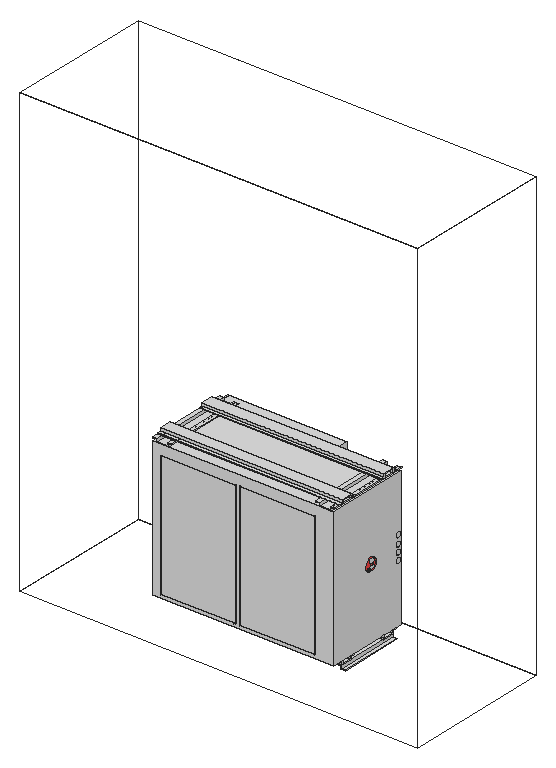
Revit family "HeatPump_AirToWater_Rheem_15kW_Horizontal_LowGWP", category Mechanical Equipment, Revit 2021
Family settings
  Round Connector Dimension = Use Diameter
  Classification = None
  Part Type = Normal
  OmniClass Number = 23.33.17.00
  OmniClass Title = Heat Pumps
  Work Plane-Based = No
  Always vertical = Yes
  Cut with Voids When Loaded = No
  Shared = No
  Room Calculation Point = No
Parameters (values of type "Ducted (952015H0)")
  Voltage = 230 V
  Uniclass2015Version = "v1.33"
  Uniclass2015Title = "Air to water heat pumps"
  Uniclass2015Code = "Pr_70_60_37_04"
  URL = "https://www.rheem.com.au/rheem/"
  Type Comments = "HeatPump - AirToWater - 15kW - Horizontal - LowGWP - Ducted"
  ScreenMaterial = Metal_Vent_Rheem_HeatPump_Wire
  RequiredSpace [instance] = yes
  PowerFactor = 1
  ModifiedIssue = 20240801
  Model = "952015H0"
  ManufacturerURLProductSpecific = "https://www.rheem.com.au/rheem/products/Commercial/Commercial-Heat-Pumps/Rheem-Commercial-Air-To-Water-Heat-Pumps/YF-Series-Air-to-Water-%28A2W%29-15kW-Commercial-Heat-Pump-%E2%80%93-Ducted/p/95201500"
  ManufacturerSpecCode = Model  # "952015H0"
  ManufacturerOverallWidth = 1250 mm  # constant formula
  ManufacturerOverallHeight = 1033 mm  # constant formula
  ManufacturerOverallDepth = 654 mm  # constant formula
  ManufacturerHeightFromFFL [instance] = 0 mm
  Manufacturer = "Rheem"  # constant formula
  IfcExportType = "USERDEFINED"
  IfcExportAs = "IfcPump"
  FanMaterial = Metal_Vent_Rheem_HeatPump_AirSource
  FanHeight = 89 mm  # constant formula
  FanFrame = yes
  Description = "Rheem’s YF Series Commercial heat pump uses 1234yf refrigerant which has an ultra-low Global Warming Potential (GWP) of <1. Delivering hot water up to 65°C and operating in ambient temperatures to a low of 0°C with an improved Coefficient of Performance (COP) of up to 4.23 at 20°C ambient. Ducted models are designed with high static fans to enable reject air to be convey from the room. Models are  available in vertical and stackable horizontal discharge options."
  Default Elevation = 0 mm
  CreatedByURL = "https://igsgroup.com.au"
  CreatedBy = "IGS BIM Solutions"  # constant formula
  BodyMaterial = Aluminium_PowderCoat_Rheem_White
  Assembly Code = "D3020"
  ApparentLoad = 15.16 VA
Reference planes
  plane 1 "Center (Front/Back)": y = -100.5
  plane 2 "Ref. Level": z = 0
  plane 3 "Center (Left/Right)": x = -9.5
  plane 4 "BackReference": y = 226.5
  plane 5 "Front": y = -427.5
  plane 6 "BodyRight": x = 615.5
  plane 7 "BodyLeft": x = -613.5
  plane 8 "Bottom": z = 0
  plane 9 "FrrameTop": z = 1008.5
  plane 10 "PlinthTop": z = 49
  plane 11 "Plint": z = 24.5
  plane 12 "BodyTop": z = 984
  plane 13 "Connector1": z = 199
  plane 14 "Connector2": z = 529
  plane 15 "RequiredSpaceLeft": x = -1234.5
  plane 16 "RequiredSpaceRight": x = 1465.5
  plane 17 "RequiredSpaceTop": z = 3033
  plane 18 "RequiredSpaceFront": y = -777.5
  plane 19 "Left": x = -634.5
  plane 20 "BodyBack": y = 137.5
  plane 21 "Fan2Horizontal": z = 311
  plane 22 "Fan1Horizontal": z = 725
  plane 23 "FanFrameBottom": z = 56
  plane 24 "Back": y = 226.5
  plane 25 "Top": z = 1033
  plane 26 "LogoCentreTop": z = 834
  plane 27 "LogoCentreBottom": z = 500
Forms (mm)
  Extrusion 1, solid, material "Aluminium_PowderCoat_Rheem_White" <- "BodyMaterial"
    sketch origin (0, 0, 0) x (0, -1, 0) y (1, 0, 0)
      loop
        line (-137.5, -613.5) -> (422.5, -613.5) -> (422.5, 615.5) -> (-137.5, 615.5) -> (-137.5, -613.5)
    from 49 to 984
  Extrusion 2, solid, material "Metal_Vent_Rheem_HeatPump_Wire" <- "ScreenMaterial"
    sketch origin (-36.5, -427.5, 0) x (1, 0, 0) y (0, 0, 1)
      loop
        line (522, 68) -> (522, 916) -> (14, 916) -> (14, 68) -> (522, 68)
      loop
        line (-524, 68) -> (-16, 68) -> (-16, 916) -> (-524, 916) -> (-524, 68)
    from 0 to -5
  Extrusion 3, solid, material "RequiredSpace", visible <- "RequiredSpace"
    sketch origin (0, 0, 0) x (0, -1, 0) y (-1, 0, 0)
      loop
        line (-226.5, 1234.5) -> (-226.5, -1465.5) -> (777.5, -1465.5) -> (777.5, 1234.5) -> (-226.5, 1234.5)
    from 0 to -3033
  Extrusion 4, solid, material "Aluminium_PowderCoat_Rheem_White" <- "BodyMaterial"
    sketch origin (0, -427.5, 0) x (1, 0, 0) y (0, 0, 1)
      loop
        line (-613.5, 984) -> (-613.5, 49) -> (615.5, 49) -> (615.5, 984) -> (-613.5, 984)
      loop
        line (485.5, 916) -> (-22.5, 916) -> (-22.5, 68) -> (485.5, 68) -> (485.5, 916)
      loop
        line (-560.5, 916) -> (-560.5, 68) -> (-52.5, 68) -> (-52.5, 916) -> (-560.5, 916)
    from 0 to -5
  Extrusion 5, solid, material "Aluminium_PowderCoat_Rheem_White", detail levels medium+fine
    sketch origin (-613.5, -5.5, 0) x (0, 1, 0) y (0, 0, 1)
      loop
        circle (-189, 199) r 25
      loop
        circle (-189, 529) r 25
    from -50 to 0
  Extrusion 6, solid, material "Aluminium_PowderCoat_Rheem_White", detail levels medium+fine
    sketch origin (-613.5, -334, 1) x (0, 1, 0) y (0, 0, 1)
      loop
        circle (205, 58) r 10
    from -50 to 0
  Extrusion 7, void
    sketch origin (0, -100.5, 0) x (1, 0, 0) y (0, 0, 1)
      loop
        line (-634.5, 49) -> (-634.5, 24.5) -> (-610, 49) -> (-634.5, 49)
    from 287 to -197
  Extrusion 8, solid, material "Aluminium_PowderCoat_Rheem_White" <- "BodyMaterial"
    sketch origin (-9.5, -32, 0) x (0, 1, 0) y (0, 0, 1)
      loop
        line (-225.395, 49) -> (-255.395, 49) -> (-255.395, 29.5) -> (-325.414, 29.5) -> (-325.414, 49) -> (-355.5, 49) -> (-355.5, 44) -> (-330.5, 44) -> (-330.5, 24.5) -> (-250.395, 24.5) -> (-250.395, 44) -> (-225.395, 44) -> (-225.395, 49)
      loop
        line (128.5, 49) -> (98.5, 49) -> (98.5, 29.5) -> (28.481, 29.5) -> (28.481, 49) -> (-1.605, 49) -> (-1.605, 44) -> (23.395, 44) -> (23.395, 24.5) -> (103.5, 24.5) -> (103.5, 44) -> (128.5, 44) -> (128.5, 49)
    from -625 to 625
  Extrusion 9, solid, material "Aluminium_PowderCoat_Rheem_White" <- "BodyMaterial", visible <- "FanFrame"
    sketch origin (0, 137.5, 0) x (1, 0, 0) y (0, 0, 1)
      loop
        line (192.5, 56) -> (192.5, 984) -> (-613.5, 984) -> (-613.5, 56) -> (192.5, 56)
      loop
        line (-608.5, 979) -> (-608.5, 61) -> (187.5, 61) -> (187.5, 979) -> (-608.5, 979)
    from 0 to -70
  Extrusion 10, solid, material "Aluminium_PowderCoat_Rheem_White" <- "BodyMaterial"
    sketch origin (0, -100.5, 984) x (1, 0, 0) y (0, 0, 1)
      loop
        line (620.5, 24.5) -> (590.5, 24.5) -> (590.5, 5) -> (520.5, 5) -> (520.5, 24.5) -> (490.5, 24.5) -> (490.5, 19.5) -> (515.5, 19.5) -> (515.5, 0) -> (595.5, 0) -> (595.5, 19.5) -> (620.5, 19.5) -> (620.5, 24.5)
      loop
        line (-483.5, 24.5) -> (-513.5, 24.5) -> (-513.5, 5) -> (-583.5, 5) -> (-583.5, 24.5) -> (-613.5, 24.5) -> (-613.5, 19.5) -> (-588.5, 19.5) -> (-588.5, 0) -> (-508.5, 0) -> (-508.5, 19.5) -> (-483.5, 19.5) -> (-483.5, 24.5)
    from -238 to 327
  Extrusion 11, solid, material "Aluminium_PowderCoat_Rheem_White", detail levels medium+fine
    sketch origin (615.5, 0, 0) x (0, 1, 0) y (0, 0, 1)
      loop
        circle (110.5, 611) r 15
      loop
        circle (110.5, 554) r 15
      loop
        circle (110.5, 504) r 15
      loop
        circle (110.5, 454) r 15
    from 0 to 5
  Extrusion 12, solid, material "Aluminium_PowderCoat_Rheem_White" <- "BodyMaterial"
    sketch origin (-9.5, -32, 1436) x (0, 1, 0) y (0, 0, 1)
      loop
        line (-225.395, -427.5) -> (-225.395, -422.5) -> (-250.395, -422.5) -> (-250.395, -403) -> (-330.5, -403) -> (-330.5, -422.5) -> (-355.5, -422.5) -> (-355.5, -427.5) -> (-325.414, -427.5) -> (-325.414, -408) -> (-255.395, -408) -> (-255.395, -427.5) -> (-225.395, -427.5)
      loop
        line (128.5, -427.5) -> (128.5, -422.5) -> (103.5, -422.5) -> (103.5, -403) -> (23.395, -403) -> (23.395, -422.5) -> (-1.605, -422.5) -> (-1.605, -427.5) -> (28.481, -427.5) -> (28.481, -408) -> (98.5, -408) -> (98.5, -427.5) -> (128.5, -427.5)
    from -604 to 630
  Extrusion 13, solid, material "Aluminium_PowderCoat_Rheem_White" <- "BodyMaterial"
    sketch origin (0, -90, 0) x (1, 0, 0) y (0, 0, 1)
      loop
        line (640.5, 0) -> (640.5, 5) -> (615.5, 5) -> (615.5, 24.5) -> (535.5, 24.5) -> (535.5, 5) -> (510.5, 5) -> (510.5, 0) -> (540.5, 0) -> (540.5, 19.5) -> (610.5, 19.5) -> (610.5, 0) -> (640.5, 0)
    from -161.5 to 272.5
Cuts and joins
  Extrusion 7 cuts Extrusion 1
  Extrusion 7 cuts Extrusion 4
  joined: Extrusion 1, Extrusion 4
  Extrusion 7 cuts Extrusion 8
Lines and regions (mm)
  Masking region 1
    outline origin (0, 0, 1484) x (0, -1, 0) y (1, 0, 0)
      loop
        line (427.5, -613.5) -> (427.5, 615.5) -> (359.5, 615.5) -> (359.5, 640.5) -> (-69.5, 640.5) -> (-69.5, 615.5) -> (-137.5, 615.5) -> (-137.5, -613.5) -> (-71.5, -613.5) -> (-71.5, -634.5) -> (8.605, -634.5) -> (8.605, -613.5) -> (282.395, -613.5) -> (282.395, -634.5) -> (362.5, -634.5) -> (362.5, -613.5) -> (427.5, -613.5)
  Masking region 2, visible <- "FanFrame"
    outline origin (0, 0, 1484) x (0, -1, 0) y (1, 0, 0)
      loop
        line (-137.5, -613.5) -> (-137.5, 192.5) -> (-207.5, 192.5) -> (-207.5, 145.77) -> (-226.5, 141.5) -> (-226.5, -579.5) -> (-207.5, -583.886) -> (-207.5, -613.5) -> (-137.5, -613.5)
  Masking region 3, not visible, detail levels medium+fine
    outline origin (0, 0, 984) x (0, -1, 0) y (1, 0, 0)
      loop
        line (427.5, -613.5) -> (427.5, -533.5) -> (389.08, -533.5)
        arc (389.08, -533.5) -> (378.865, -515.587) -> (359.5, -508.5) r 30
        line (359.5, -508.5) -> (-69.5, -508.5)
        arc (-69.5, -508.5) -> (-88.865, -515.587) -> (-99.08, -533.5) r 30
        line (-99.08, -533.5) -> (-137.5, -533.5) -> (-137.5, -613.5) -> (-99.08, -613.5)
        arc (-99.08, -613.5) -> (-88.865, -631.413) -> (-69.5, -638.5) r 30
        line (-69.5, -638.5) -> (359.5, -638.5)
        arc (359.5, -638.5) -> (378.865, -631.413) -> (389.08, -613.5) r 30
        line (389.08, -613.5) -> (427.5, -613.5)
      loop
        line (427.5, -49.5) -> (427.5, 30.5) -> (389.08, 30.5)
        arc (389.08, 30.5) -> (378.865, 48.413) -> (359.5, 55.5) r 30
        line (359.5, 55.5) -> (-69.5, 55.5)
        arc (-69.5, 55.5) -> (-88.865, 48.413) -> (-99.08, 30.5) r 30
        line (-99.08, 30.5) -> (-137.5, 30.5) -> (-137.5, -49.5) -> (-99.08, -49.5)
        arc (-99.08, -49.5) -> (-88.865, -67.413) -> (-69.5, -74.5) r 30
        line (-69.5, -74.5) -> (359.5, -74.5)
        arc (359.5, -74.5) -> (378.865, -67.413) -> (389.08, -49.5) r 30
        line (389.08, -49.5) -> (427.5, -49.5)
      loop
        line (427.5, 535.5) -> (427.5, 615.5) -> (389.08, 615.5)
        arc (389.08, 615.5) -> (378.865, 633.413) -> (359.5, 640.5) r 30
        line (359.5, 640.5) -> (-69.5, 640.5)
        arc (-69.5, 640.5) -> (-88.865, 633.413) -> (-99.08, 615.5) r 30
        line (-99.08, 615.5) -> (-137.5, 615.5) -> (-137.5, 535.5) -> (-99.08, 535.5)
        arc (-99.08, 535.5) -> (-88.865, 517.587) -> (-69.5, 510.5) r 30
        line (-69.5, 510.5) -> (359.5, 510.5)
        arc (359.5, 510.5) -> (378.865, 517.587) -> (389.08, 535.5) r 30
        line (389.08, 535.5) -> (427.5, 535.5)
  Masking region 4
    outline origin (0, 0, 1484) x (0, -1, 0) y (1, 0, 0)
      loop
        line (-137.5, 161.5) -> (-226.5, 141.5) -> (-226.5, -579.5) -> (-137.5, -600.047) -> (-137.5, 161.5)
  symbolic lines, style "Required Space", visible <- "RequiredSpace"
    curve 1: line (-1234.5, 226.5, 900) -> (1465.5, 226.5, 900)
    curve 2: line (-1234.5, -777.5, 900) -> (-1234.5, 226.5, 900)
    curve 3: line (1465.5, -777.5, 900) -> (-1234.5, -777.5, 900)
    curve 4: line (1465.5, 226.5, 900) -> (1465.5, -777.5, 900)
  symbolic lines, style "Plant Equipment", detail levels medium+fine
    curve 5: line (615.5, 69.5, 984) -> (615.5, -359.5, 984)
    curve 6: line (-613.5, 71.5, 984) -> (-613.5, -33.605, 984)
    curve 7: line (-613.5, -334.5, 984) -> (-613.5, -254.395, 984)
    curve 23: line (-436.5, 37.5, 984) -> (417.5, 37.5, 984)
    curve 24: line (-534.5, -227.5, 984) -> (-534.5, -60.5, 984)
    curve 25: line (415.5, -327.5, 984) -> (-434.5, -327.5, 984)
    curve 26: line (515.5, -60.5, 984) -> (515.5, -227.5, 984)
    curve 27: arc (-534.5, -60.5, 984) -> (-505.796, 8.796, 984) -> (-436.5, 37.5, 984) r 98
    curve 28: arc (417.5, 37.5, 984) -> (486.796, 8.796, 984) -> (515.5, -60.5, 984) r 98
    curve 29: arc (515.5, -227.5, 984) -> (486.211, -298.211, 984) -> (415.5, -327.5, 984) r 100
    curve 30: arc (-434.5, -327.5, 984) -> (-505.211, -298.211, 984) -> (-534.5, -227.5, 984) r 100
  symbolic lines, style "Plant Equipment", visible <- "FanFrame", detail levels medium+fine
    curve 8: line (-582.77, 207.5, 984) -> (145.77, 207.5, 984)
  symbolic lines, style "Plant Equipment", not visible, detail levels medium+fine
    curve 9: line (-613.5, 99.08, 984) -> (-613.5, -389.08, 984)
    curve 10: line (-533.5, -389.08, 984) -> (-533.5, 99.08, 984)
    curve 11: line (-49.5, 99.08, 984) -> (-49.5, -389.08, 984)
    curve 12: line (30.5, 99.08, 984) -> (30.5, -389.08, 984)
    curve 13: line (535.5, -389.08, 984) -> (535.5, 99.08, 984)
    curve 14: line (615.5, 99.08, 984) -> (615.5, -389.08, 984)
  model lines, style "Plant Equipment"
    curve 15: line (-436.5, 37.5, 984) -> (417.5, 37.5, 984)
    curve 16: line (-534.5, -227.5, 984) -> (-534.5, -60.5, 984)
    curve 17: line (415.5, -327.5, 984) -> (-434.5, -327.5, 984)
    curve 18: line (515.5, -60.5, 984) -> (515.5, -227.5, 984)
    curve 19: arc (-534.5, -60.5, 984) -> (-505.796, 8.796, 984) -> (-436.5, 37.5, 984) r 98
    curve 20: arc (417.5, 37.5, 984) -> (486.796, 8.796, 984) -> (515.5, -60.5, 984) r 98
    curve 21: arc (515.5, -227.5, 984) -> (486.211, -298.211, 984) -> (415.5, -327.5, 984) r 100
    curve 22: arc (-434.5, -327.5, 984) -> (-505.211, -298.211, 984) -> (-534.5, -227.5, 984) r 100
  model lines, style "Plant Equipment", detail levels medium+fine
    curve 31: line (-613.5, 54.5, 984) -> (-613.5, 54.5, 49)
    curve 32: line (-613.5, -165.5, 49) -> (-613.5, -165.5, 984)
    curve 33: line (615.5, -315.5, 984) -> (615.5, -315.5, 49)
    curve 34: line (615.5, 79.5, 984) -> (615.5, 79.5, 49)
    curve 35: line (615.5, -315.5, 600) -> (615.5, 79.5, 600)
Text (mm)
  text "Disclaimer:\nDue to ongoing product development and manufacturing \nevolution, product details are subject to change without \nnotice. Please refer to product technical data sheets on \nthe manufacturers website for the most current product \ninformation. Please allow a +/- 5mm manufacturing \ntolerance for dimensions and set-outs shown in product \nliterature." at (985.527, 159.228, 0), in view "Ref. Level"
Dimensions and locks
  equal spacing: plane 19 "Left", plane 3 "Center (Left/Right)", plane 6 "BodyRight"
  "ManufacturerOverallHeight": plane 25 "Top" to plane 8 "Bottom"
  "ManufacturerHeightFromFFL": plane 8 "Bottom" to plane 2 "Ref. Level"
  locked: plane 10 "PlinthTop" to plane 8 "Bottom" at 49
  equal spacing: plane 10 "PlinthTop", plane 11 "Plint", plane 8 "Bottom"
  locked: plane 17 "RequiredSpaceTop" to plane 25 "Top" at 2000
  locked: plane 18 "RequiredSpaceFront" to plane 5 "Front" at 350
  locked: plane 15 "RequiredSpaceLeft" to plane 19 "Left" at 600
  plane 6 "BodyRight" to plane 16 "RequiredSpaceRight" = 850 mm
  locked: plane 19 "Left" to plane 7 "BodyLeft" at 21
  "ManufacturerOverallWidth": plane 19 "Left" to plane 6 "BodyRight"
  locked: plane 13 "Connector1" to plane 8 "Bottom" at 199
  locked: plane 14 "Connector2" to plane 13 "Connector1" at 330
  plane 8 "Bottom" to plane 9 "FrrameTop" = 1008.5 mm
  locked: plane 10 "PlinthTop" to plane 21 "Fan2Horizontal" at 262
  locked: plane 21 "Fan2Horizontal" to plane 22 "Fan1Horizontal" at 414
  locked: plane 5 "Front" to plane 20 "BodyBack" at 565
  locked: plane 23 "FanFrameBottom" to plane 12 "BodyTop" at 928
  "ManufacturerOverallDepth": plane 5 "Front" to plane 24 "Back"
  equal spacing: plane 5 "Front", plane 1 "Center (Front/Back)", plane 24 "Back"
  plane 20 "BodyBack" to plane 4 "BackReference" = 89 mm
  locked: plane 12 "BodyTop" to plane 26 "LogoCentreTop" at 150
  equal spacing: plane 25 "Top", plane 9 "FrrameTop", plane 12 "BodyTop"
  locked: plane 25 "Top" to plane 12 "BodyTop" at 49
  locked: plane 27 "LogoCentreBottom" to plane 8 "Bottom" at 500
  aligned and locked: level to plane 2 "Ref. Level"
  aligned and locked: plane 10 "PlinthTop" to Extrusion 1
  aligned and locked: Extrusion 1 to plane 12 "BodyTop"
  aligned and locked: Extrusion 3 to plane 17 "RequiredSpaceTop"
  aligned and locked: curve 3 to plane 18 "RequiredSpaceFront"
  aligned and locked: Extrusion 3 sketch curve to plane 18 "RequiredSpaceFront"
  aligned and locked: plane 8 "Bottom" to Extrusion 3
  aligned and locked: plane 10 "PlinthTop" to Extrusion 4
  aligned and locked: Extrusion 1 to plane 7 "BodyLeft"
  aligned and locked: Extrusion 4 to plane 7 "BodyLeft"
  aligned and locked: plane 13 "Connector1" to Extrusion 5 sketch curve
  aligned and locked: plane 14 "Connector2" to Extrusion 5 sketch curve
  aligned and locked: plane 19 "Left" to Extrusion 7 sketch curve
  aligned and locked: Extrusion 2 sketch curve to cut or joined group of Extrusion 1, Extrusion 4, Extrusion 7  (x3)
  aligned and locked: plane 20 "BodyBack" to Extrusion 1 sketch curve
  aligned and locked: Extrusion 10 sketch curve to plane 12 "BodyTop"
  aligned and locked: plane 5 "Front" to Extrusion 10
  aligned and locked: Extrusion 10 to plane 20 "BodyBack"
  aligned and locked: nested 1 to plane 22 "Fan1Horizontal"
  aligned and locked: nested 2 to plane 21 "Fan2Horizontal"
  aligned and locked: curve 1 to plane 24 "Back"
  aligned and locked: Extrusion 3 to plane 24 "Back"
  aligned and locked: Extrusion 9 to Masking region 2
  aligned and locked: Masking region 2 to Extrusion 9
  aligned and locked: curve 8 to Extrusion 9
  aligned and locked: Masking region 1 to curve 6
  aligned and locked: cut or joined group of Extrusion 1, Extrusion 4, Extrusion 7 to Extrusion 12
  aligned and locked: Extrusion 10 to Extrusion 12
  aligned and locked: Extrusion 13 sketch curve to plane 8 "Bottom"  (x2)
  aligned and locked: Extrusion 7 to cut or joined group of Extrusion 7, Extrusion 8
  aligned and locked: plane 14 "Connector2" to nested 3
  aligned and locked: plane 12 "BodyTop" to curve 32
  aligned and locked: plane 12 "BodyTop" to curve 31
  aligned and locked: plane 10 "PlinthTop" to curve 32
  aligned and locked: plane 10 "PlinthTop" to curve 31
  aligned and locked: plane 26 "LogoCentreTop" to nested 4
Automatic sketch dimensions
  Extrusion 1 sketch curve to plane 7 "BodyLeft" = 0 mm
  Extrusion 1 sketch curve to plane 6 "BodyRight" = 0 mm
  Extrusion 1 sketch curve to plane 5 "Front" = 5 mm
  plane 4 "BackReference" to Extrusion 3 sketch curve = 0 mm
  Extrusion 3 sketch curve to plane 15 "RequiredSpaceLeft" = 0 mm
  Extrusion 3 sketch curve to plane 16 "RequiredSpaceRight" = 0 mm
  curve 3 to plane 15 "RequiredSpaceLeft" = 0 mm
  curve 3 to plane 16 "RequiredSpaceRight" = 0 mm
  Extrusion 4 sketch curve to plane 7 "BodyLeft" = 0 mm
  Extrusion 4 sketch curve to plane 6 "BodyRight" = 0 mm
  Extrusion 4 sketch curve to plane 10 "PlinthTop" = 0 mm
  Extrusion 4 sketch curve to plane 12 "BodyTop" = 0 mm
  Extrusion 4 sketch curve to plane 23 "FanFrameBottom" = 12 mm  (x2)
  plane 7 "BodyLeft" to Extrusion 4 sketch curve = 53 mm
  Extrusion 4 sketch curve to plane 3 "Center (Left/Right)" = 43 mm
  Extrusion 4 sketch curve to plane 3 "Center (Left/Right)" = 13 mm
  Extrusion 4 sketch curve to plane 6 "BodyRight" = 130 mm
  plane 12 "BodyTop" to Extrusion 4 sketch curve = 68 mm
  Extrusion 4 sketch curve to Extrusion 4 sketch curve = 0 mm
  Extrusion 6 sketch curve to plane 23 "FanFrameBottom" = 3 mm
  plane 1 "Center (Front/Back)" to Extrusion 6 sketch curve = 28.5 mm
  plane 11 "Plint" to Extrusion 8 sketch curve = 0 mm  (x2)
  plane 10 "PlinthTop" to Extrusion 8 sketch curve = 0 mm  (x4)
  plane 10 "PlinthTop" to Extrusion 8 sketch curve = 5 mm  (x3)
  Extrusion 8 sketch curve to Extrusion 8 sketch curve = 5.086 mm  (x2)
  Extrusion 8 sketch curve to Extrusion 8 sketch curve = 30 mm
  Extrusion 8 sketch curve to Extrusion 8 sketch curve = 5 mm  (x3)
  Extrusion 8 sketch curve to Extrusion 8 sketch curve = 25 mm  (x3)
  Extrusion 8 sketch curve to plane 11 "Plint" = 5 mm  (x2)
  Extrusion 10 sketch curve to plane 7 "BodyLeft" = 0 mm
  Extrusion 10 sketch curve to plane 12 "BodyTop" = 0 mm
  Extrusion 10 sketch curve to plane 9 "FrrameTop" = 0 mm  (x4)
  plane 9 "FrrameTop" to Extrusion 10 sketch curve = 5 mm  (x4)
  Extrusion 10 sketch curve to Extrusion 10 sketch curve = 25 mm  (x3)
  Extrusion 10 sketch curve to Extrusion 10 sketch curve = 5 mm  (x4)
  Extrusion 10 sketch curve to Extrusion 10 sketch curve = 70 mm
  Extrusion 10 sketch curve to plane 6 "BodyRight" = 125 mm
  Extrusion 10 sketch curve to plane 12 "BodyTop" = 5 mm  (x2)
  Extrusion 10 sketch curve to plane 6 "BodyRight" = 25 mm
  plane 6 "BodyRight" to Extrusion 10 sketch curve = 5 mm
  plane 14 "Connector2" to Extrusion 11 sketch curve = 75 mm
  plane 20 "BodyBack" to Extrusion 11 sketch curve = 27 mm  (x4)
  plane 14 "Connector2" to Extrusion 11 sketch curve = 25 mm
  Extrusion 11 sketch curve to Extrusion 11 sketch curve = 50 mm
  plane 22 "Fan1Horizontal" to Extrusion 11 sketch curve = 114 mm
  Masking region 1 sketch curve to plane 7 "BodyLeft" = 0 mm  (x3)
  plane 20 "BodyBack" to Masking region 1 sketch curve = 0 mm
  Masking region 1 sketch curve to plane 6 "BodyRight" = 0 mm  (x2)
  Masking region 1 sketch curve to plane 19 "Left" = 0 mm  (x2)
  plane 5 "Front" to Masking region 1 sketch curve = 0 mm
  Masking region 1 sketch curve to Masking region 1 sketch curve = 25 mm
  plane 20 "BodyBack" to Masking region 3 sketch curve = 0 mm  (x3)
  Masking region 3 sketch curve to plane 7 "BodyLeft" = 0 mm  (x2)
  Masking region 3 sketch curve to plane 6 "BodyRight" = 0 mm  (x2)
  plane 5 "Front" to Masking region 3 sketch curve = 0 mm  (x3)
  Masking region 3 sketch curve to Masking region 3 sketch curve = 29.58 mm  (x12)
  plane 19 "Left" to Masking region 3 sketch curve = 4 mm
  Masking region 3 sketch curve to Masking region 3 sketch curve = 70 mm  (x2)
  Masking region 3 sketch curve to Masking region 3 sketch curve = 5 mm  (x2)
  Masking region 3 sketch curve to plane 3 "Center (Left/Right)" = 65 mm
  Masking region 3 sketch curve to plane 3 "Center (Left/Right)" = 40 mm  (x2)
  plane 3 "Center (Left/Right)" to Masking region 3 sketch curve = 35 mm  (x2)
  Masking region 3 sketch curve to plane 6 "BodyRight" = 105 mm
  Masking region 3 sketch curve to Masking region 3 sketch curve = 25 mm  (x2)
  Masking region 3 sketch curve to plane 6 "BodyRight" = 5 mm
  Extrusion 12 sketch curve to Extrusion 12 sketch curve = 5.086 mm  (x2)
  Extrusion 12 sketch curve to Extrusion 12 sketch curve = 30 mm
  Extrusion 12 sketch curve to Extrusion 12 sketch curve = 5 mm  (x8)
  plane 25 "Top" to Extrusion 12 sketch curve = 24.5 mm
  Extrusion 12 sketch curve to Extrusion 12 sketch curve = 0 mm  (x3)
  Extrusion 12 sketch curve to Extrusion 12 sketch curve = 14.5 mm  (x2)
  Extrusion 13 sketch curve to plane 11 "Plint" = 0 mm
  Extrusion 13 sketch curve to plane 6 "BodyRight" = 0 mm
  Extrusion 13 sketch curve to plane 6 "BodyRight" = 5 mm
  Extrusion 13 sketch curve to Extrusion 13 sketch curve = 70 mm
  Extrusion 13 sketch curve to Extrusion 13 sketch curve = 5 mm
  Extrusion 13 sketch curve to Extrusion 13 sketch curve = 25 mm
  plane 6 "BodyRight" to Extrusion 13 sketch curve = 25 mm
  Extrusion 13 sketch curve to plane 8 "Bottom" = 5 mm  (x2)
  plane 11 "Plint" to Extrusion 13 sketch curve = 5 mm
  Extrusion 8 sketch curve to Extrusion 8 sketch curve = 70.019 mm  (x2)
  Masking region 1 sketch curve to Masking region 1 sketch curve = 80.105 mm  (x2)
  Masking region 1 sketch curve to plane 5 "Front" = 68 mm
  Masking region 3 sketch curve to plane 5 "Front" = 68 mm  (x6)
  Extrusion 12 sketch curve to Extrusion 12 sketch curve = 70.019 mm  (x2)
  Extrusion 12 sketch curve to Extrusion 12 sketch curve = 25 mm  (x3)
  plane 1 "Center (Front/Back)" to Extrusion 5 sketch curve = 94 mm  (x2)
  plane 1 "Center (Front/Back)" to Extrusion 8 sketch curve = 156.895 mm
  plane 1 "Center (Front/Back)" to Masking region 1 sketch curve = 181.895 mm
  Extrusion 8 sketch curve to plane 1 "Center (Front/Back)" = 66.895 mm
  Masking region 1 sketch curve to plane 1 "Center (Front/Back)" = 91.895 mm
  Extrusion 12 sketch curve to plane 1 "Center (Front/Back)" = 66.895 mm
  Masking region 1 sketch curve to Masking region 1 sketch curve = 68 mm
  Masking region 3 sketch curve to Masking region 3 sketch curve = 38.42 mm  (x6)
  plane 1 "Center (Front/Back)" to Extrusion 12 sketch curve = 156.895 mm
  Extrusion 7 sketch curve to plane 10 "PlinthTop" = 0 mm
  Extrusion 7 sketch curve to plane 11 "Plint" = 0 mm
  plane 7 "BodyLeft" to Extrusion 7 sketch curve = 3.5 mm
  plane 4 "BackReference" to Masking region 2 sketch curve = 0 mm
  Masking region 2 sketch curve to plane 7 "BodyLeft" = 0 mm
  plane 20 "BodyBack" to Masking region 2 sketch curve = 0 mm
  plane 4 "BackReference" to Masking region 2 sketch curve = 19 mm  (x2)
  plane 3 "Center (Left/Right)" to Masking region 2 sketch curve = 151 mm
  Masking region 2 sketch curve to Masking region 2 sketch curve = 4.27 mm
  Masking region 2 sketch curve to Masking region 2 sketch curve = 46.73 mm
  Masking region 2 sketch curve to Masking region 2 sketch curve = 29.614 mm
  Masking region 2 sketch curve to Masking region 2 sketch curve = 4.386 mm
  Extrusion 9 sketch curve to plane 7 "BodyLeft" = 0 mm
  Extrusion 9 sketch curve to plane 23 "FanFrameBottom" = 0 mm
  Extrusion 9 sketch curve to plane 12 "BodyTop" = 0 mm
  plane 7 "BodyLeft" to Extrusion 9 sketch curve = 5 mm
  plane 12 "BodyTop" to Extrusion 9 sketch curve = 5 mm
  Extrusion 9 sketch curve to Extrusion 9 sketch curve = 5 mm
  Extrusion 9 sketch curve to plane 23 "FanFrameBottom" = 5 mm
  plane 3 "Center (Left/Right)" to Extrusion 9 sketch curve = 197 mm
  curve 19 to curve 27 = 0 mm  (x2)
  curve 20 to curve 28 = 0 mm  (x2)
  curve 21 to curve 29 = 0 mm  (x2)
  curve 22 to curve 30 = 0 mm  (x2)
  curve 14 to plane 6 "BodyRight" = 0 mm
  curve 9 to plane 7 "BodyLeft" = 0 mm
  curve 5 to plane 6 "BodyRight" = 0 mm
  curve 6 to plane 7 "BodyLeft" = 0 mm
  curve 7 to plane 7 "BodyLeft" = 0 mm
  plane 20 "BodyBack" to curve 23 = 100 mm
  curve 26 to plane 1 "Center (Front/Back)" = 40 mm
  curve 27 to plane 1 "Center (Front/Back)" = 40 mm
  plane 1 "Center (Front/Back)" to curve 18 = 127 mm
  plane 7 "BodyLeft" to curve 16 = 79 mm
  plane 1 "Center (Front/Back)" to curve 16 = 127 mm
  curve 25 to plane 5 "Front" = 100 mm
  curve 29 to plane 6 "BodyRight" = 200 mm
  plane 20 "BodyBack" to curve 12 = 38.42 mm
  plane 20 "BodyBack" to curve 11 = 38.42 mm
  plane 20 "BodyBack" to curve 10 = 38.42 mm
  plane 20 "BodyBack" to curve 14 = 38.42 mm
  plane 20 "BodyBack" to curve 13 = 38.42 mm
  curve 9 to curve 6 = 27.58 mm
  curve 14 to curve 5 = 29.58 mm
  curve 6 to plane 1 "Center (Front/Back)" = 66.895 mm
  curve 22 to curve 7 = 26.895 mm
  curve 7 to curve 7 = 80.105 mm
  curve 5 to plane 5 "Front" = 68 mm
  curve 12 to plane 5 "Front" = 38.42 mm
  curve 10 to plane 5 "Front" = 38.42 mm
  curve 5 to curve 14 = 29.58 mm
  curve 9 to plane 5 "Front" = 38.42 mm
  curve 13 to plane 5 "Front" = 38.42 mm
  curve 11 to plane 5 "Front" = 38.42 mm
  plane 7 "BodyLeft" to curve 8 = 30.73 mm
  curve 9 to curve 10 = 80 mm
  curve 11 to plane 3 "Center (Left/Right)" = 40 mm
  plane 3 "Center (Left/Right)" to curve 12 = 40 mm
  plane 3 "Center (Left/Right)" to curve 8 = 155.27 mm
  curve 13 to plane 6 "BodyRight" = 80 mm
  Extrusion 2 sketch curve to plane 6 "BodyRight" = 130 mm
  Extrusion 2 sketch curve to plane 3 "Center (Left/Right)" = 13 mm
  Extrusion 2 sketch curve to Extrusion 2 sketch curve = 30 mm
  Extrusion 2 sketch curve to Extrusion 2 sketch curve = 0 mm
  Extrusion 2 sketch curve to plane 23 "FanFrameBottom" = 12 mm
  plane 4 "BackReference" to Masking region 4 sketch curve = 0 mm
  plane 20 "BodyBack" to Masking region 4 sketch curve = 0 mm
  plane 3 "Center (Left/Right)" to Masking region 4 sketch curve = 151 mm
  Masking region 4 sketch curve to Masking region 4 sketch curve = 20 mm
  plane 7 "BodyLeft" to Masking region 4 sketch curve = 34 mm
  plane 7 "BodyLeft" to Masking region 4 sketch curve = 13.453 mm
  plane 10 "PlinthTop" to curve 33 = 0 mm
  plane 12 "BodyTop" to curve 33 = 0 mm
  plane 10 "PlinthTop" to curve 34 = 0 mm
  plane 12 "BodyTop" to curve 34 = 0 mm
  curve 35 to plane 14 "Connector2" = 71 mm
  plane 1 "Center (Front/Back)" to curve 32 = 65 mm
  curve 33 to plane 5 "Front" = 112 mm
  plane 20 "BodyBack" to curve 34 = 58 mm
  plane 20 "BodyBack" to curve 31 = 83 mm
  radius of Extrusion 5 sketch curve = 25 mm  (x2)
  radius of Extrusion 6 sketch curve = 10 mm
  radius of Extrusion 11 sketch curve = 15 mm  (x4)
Nested families
  nested 1: "z_HeatPump_Rheem_Fan_LowGWP" at (-78.5, 137.5, 725) x (-1, 0, 0) z (0, 1, 0), type "Type 1"
    with ManufacturerOverallHeight 89 mm, FanHeight 89 mm
  nested 2: "z_HeatPump_Rheem_Fan_LowGWP" at (-359.5, 137.5, 311) x (-1, 0, 0) z (0, 1, 0), type "Type 1"
    with ManufacturerOverallHeight 89 mm, FanHeight 89 mm
  nested 3: "z_Rheem_Logo" at (615.5, -118, 529) x (0, 1, 0) z (1, 0, 0), type "Type 1", detail levels medium+fine
  nested 4: "z_Rheem_Logo" at (-613.5, -55.5, 834) x (0, -1, 0) z (-1, 0, 0), type "Type 1", detail levels medium+fine
Connectors
  piping at (-663.5, -194.5, 199), diameter 41
    settings: on Extrusion 5, index 1, connector inside diameter 609.6 mm, connector length 0 mm, flow factor 0, pipe flow 0.0 L/s, pressure drop 0.0 Pa, fitting loss kfactor 0, connector angle 0.00°, fixture units 0, engagement length 0 mm, angle of deflection 0.00°, flow configuration 1, flow direction 1, fitting loss method 0, system type 20, joint type 0, gender type 0, connector reference index -1, connector utility 0, adjustable connector no, is connector primary yes, connector description "Cold Water Supply"
  piping at (-663.5, -129, 59), diameter 20
    settings: on Extrusion 6, index 2, connector inside diameter 609.6 mm, connector length 0 mm, flow factor 0, pipe flow 0.0 L/s, pressure drop 0.0 Pa, fitting loss kfactor 0, connector angle 0.00°, fixture units 0, engagement length 0 mm, angle of deflection 0.00°, flow configuration 1, flow direction 2, fitting loss method 0, system type 16, joint type 0, gender type 0, connector reference index -1, connector utility 0, adjustable connector no, is connector primary no, connector description ""
  piping at (-663.5, -194.5, 529), diameter 41
    settings: on Extrusion 5, index 3, connector inside diameter 609.6 mm, connector length 0 mm, flow factor 0, pipe flow 0.0 L/s, pressure drop 0.0 Pa, fitting loss kfactor 0, connector angle 0.00°, fixture units 0, engagement length 0 mm, angle of deflection 0.00°, flow configuration 1, flow direction 2, fitting loss method 0, system type 19, joint type 0, gender type 0, connector reference index -1, connector utility 0, adjustable connector no, is connector primary no, connector description "Hot Water Supply"
  electrical at (620.5, 110.5, 611), driven by "Voltage", driven by "ApparentLoad", driven by "PowerFactor"
    settings: on Extrusion 11, index 8, voltage 230 V, apparent load 15.16 VA, apparent load phase1 0 VA, apparent load phase2 0 VA, apparent load phase3 0 VA, power factor 1, load classification "Other", number of poles 1, system type 30, power factor state 1, is connector primary yes, connector utility no, sub classification motor no, connector description ""
  electrical at (620.5, 110.5, 554), driven by "Voltage", driven by "ApparentLoad", driven by "PowerFactor"
    settings: on Extrusion 11, index 9, voltage 230 V, apparent load 15.16 VA, apparent load phase1 0 VA, apparent load phase2 0 VA, apparent load phase3 0 VA, power factor 1, load classification "Other", number of poles 1, system type 30, power factor state 1, is connector primary no, connector utility no, sub classification motor no, connector description ""
  electrical at (620.5, 110.5, 504), driven by "Voltage", driven by "ApparentLoad", driven by "PowerFactor"
    settings: on Extrusion 11, index 10, voltage 230 V, apparent load 15.16 VA, apparent load phase1 0 VA, apparent load phase2 0 VA, apparent load phase3 0 VA, power factor 1, load classification "Other", number of poles 1, system type 30, power factor state 1, is connector primary no, connector utility no, sub classification motor no, connector description ""
  electrical at (620.5, 110.5, 454), driven by "Voltage", driven by "ApparentLoad", driven by "PowerFactor"
    settings: on Extrusion 11, index 11, voltage 230 V, apparent load 15.16 VA, apparent load phase1 0 VA, apparent load phase2 0 VA, apparent load phase3 0 VA, power factor 1, load classification "Other", number of poles 1, system type 30, power factor state 1, is connector primary no, connector utility no, sub classification motor no, connector description ""
Definition of nested family "z_HeatPump_Rheem_Fan_LowGWP"
  Parameters (values of type "Type 1")
    Uniclass2015Version = ""
    Uniclass2015Title = ""
    Uniclass2015Code = ""
    Radius2 = Radius1 - 20 mm  # 220 mm
    Radius1 = ManufacturerOverallLength / 2  # 240 mm
    ModifiedIssue = 0
    ManufacturerURLProductSpecific = ""
    ManufacturerSpecCode = ""
    ManufacturerOverallWidth = ManufacturerOverallLength  # 480 mm
    ManufacturerOverallLength = 480 mm
    ManufacturerOverallHeight = FanHeight  # 87 mm
    ManufacturerHeightFromFFL = 0 mm
    IfcExportType = ""
    IfcExportAs = ""
    FanMaterial = none
    FanHeight = 87 mm
    Default Elevation = 1219.2 mm
    CreatedByURL = "https://igsgroup.com.au"
    CreatedBy = "IGS BIM Solutions"  # constant formula
  Reference planes
    plane 1 "Center (Front/Back)": y = 0
    plane 2: z = 0
    plane 3 "Center (Left/Right)": x = 0
    plane 4 "Left": x = -240
    plane 5 "Right": x = 240
    plane 6 "Back": y = 240
    plane 7 "Front": y = -240
    plane 8 "Bottom": z = 0
    plane 9 "FanFront": z = 87
    plane 10 "Center L/T": z = 67
    plane 11 "Top": z = 87
  Forms (mm)
    Extrusion 1, solid
      sketch origin (0, 0, 0) x (1, 0, 0) y (0, 1, 0)
        loop
          line (-1219.2, 1219.2) -> (-1219.2, -1219.2) -> (1219.2, -1219.2) -> (1219.2, 1219.2) -> (-1219.2, 1219.2)
      from 0 to -304.8
    Blend 2, solid
      base sketch origin (0, 0, 0) x (-1, 0, 0) y (0, -1, 0)
        loop
          circle (0, 0) r 240
      top sketch origin (0, 0, 0) x (1, 0, 0) y (0, 1, 0)
        loop
          circle (0, 0) r 220
      from 0 to 87
    Blend 3, void
      base sketch origin (0, 0, 114) x (-1, 0, 0) y (0, -1, 0)
        loop
          circle (0, 0) r 90
      top sketch origin (0, 0, 114) x (-1, 0, 0) y (0, -1, 0)
        loop
          circle (0, 0) r 80
      from -25 to -47
  Cuts and joins
    Blend 3 cuts Blend 2
  Lines and regions (mm)
    Masking region 1
      outline origin (0, 0, 87) x (-1, 0, 0) y (0, -1, 0)
        loop
          circle (0, 0) r 240
    symbolic lines, detail levels medium+fine
      curve 1: circle (0, 0, 87) r 75 normal (0, 0, 1)
  Dimensions and locks
    "ManufacturerHeightFromFFL": plane 8 "Bottom" to plane 2
    "ManufacturerOverallLength": plane 4 "Left" to plane 5 "Right"
    equal spacing: plane 4 "Left", plane 3 "Center (Left/Right)", plane 5 "Right"
    "ManufacturerOverallWidth": plane 7 "Front" to plane 6 "Back"
    equal spacing: plane 7 "Front", plane 1 "Center (Front/Back)", plane 6 "Back"
    "FanHeight": plane 9 "FanFront" to plane 8 "Bottom"
    locked: plane 9 "FanFront" to plane 10 "Center L/T" at 20
    "Radius1": radius of Blend 2 sketch curve
    "Radius2": radius of Blend 2 sketch curve
    "Radius1": radius of Masking region 1 sketch curve
    aligned and locked: plane 2 to Extrusion 1
    aligned and locked: level to Extrusion 1
    aligned and locked: plane 1 "Center (Front/Back)" to Blend 2 sketch curve  (x2)
    aligned and locked: plane 3 "Center (Left/Right)" to Blend 2 sketch curve  (x2)
    aligned and locked: plane 9 "FanFront" to Blend 2
    aligned and locked: Blend 3 to plane 10 "Center L/T"
    aligned and locked: plane 1 "Center (Front/Back)" to cut or joined group of Blend 2, Blend 3
    aligned and locked: plane 3 "Center (Left/Right)" to Masking region 1 sketch curve
    aligned and locked: plane 1 "Center (Front/Back)" to Masking region 1 sketch curve
    aligned and locked: plane 3 "Center (Left/Right)" to curve 1
    aligned and locked: plane 1 "Center (Front/Back)" to curve 1
    aligned and locked: plane 11 "Top" to plane 9 "FanFront"
  Automatic sketch dimensions
    Extrusion 1 sketch curve to Extrusion 1 sketch curve = 2438.4 mm  (x2)
    plane 1 "Center (Front/Back)" to Blend 3 sketch curve = 0 mm  (x2)
    Blend 3 sketch curve to plane 3 "Center (Left/Right)" = 0 mm  (x2)
    radius of Blend 3 sketch curve = 90 mm
    radius of Blend 3 sketch curve = 80 mm
    radius of curve 1 = 75 mm
Definition of nested family "z_Rheem_Logo"
  Parameters (values of type "Type 1")
    Uniclass2015Version = ""
    Uniclass2015Title = ""
    Uniclass2015Code = ""
    ModifiedIssue = 0
    Material = none
    ManufacturerURLProductSpecific = ""
    ManufacturerSpecCode = ""
    ManufacturerOverallWidth = 86 mm
    ManufacturerOverallLength = 86 mm
    ManufacturerOverallHeight = 1 mm
    ManufacturerHeightFromFFL = 0 mm
    IfcExportType = ""
    IfcExportAs = ""
    Default Elevation = 1219.2 mm
    CreatedByURL = "https://igsgroup.com.au"
    CreatedBy = "IGS BIM Solutions"  # constant formula
  Reference planes
    plane 1 "Center (Front/Back)": y = 0
    plane 2: z = 0
    plane 3 "Center (Left/Right)": x = 0
    plane 4 "Left": x = -43
    plane 5 "Right": x = 43
    plane 6 "Back": y = 43
    plane 7 "Front": y = -43
    plane 8 "Bottom": z = 0
    plane 9 "Center (Elevation)": z = 0.5
    plane 10 "Top": z = 1
  Forms (mm)
    Extrusion 1, solid
      sketch origin (0, 0, 0) x (1, 0, 0) y (0, 1, 0)
        loop
          line (-1219.2, 1219.2) -> (-1219.2, -1219.2) -> (1219.2, -1219.2) -> (1219.2, 1219.2) -> (-1219.2, 1219.2)
      from 0 to -304.8
    Extrusion 2, solid, material <- "Material", detail levels medium+fine
      sketch origin (0, 0, 0) x (-1, 0, 0) y (0, -1, 0)
        loop
          circle (0, 0) r 43
        loop
          arc (33.529, 21.813) -> (-38.36, 11.338) -> (16.283, -36.536) r 40
          line (16.283, -36.536) -> (16.283, -5.397)
          arc (16.283, -5.397) -> (14.75, -6.901) -> (12.662, -7.405) r 4.033
          arc (12.662, -7.405) -> (9.852, -6.403) -> (8.561, -3.712) r 3.918
          line (8.561, -3.712) -> (8.561, 8.033) -> (11.525, 8.033) -> (11.525, -1.806)
          arc (11.525, -1.806) -> (12.858, -4.057) -> (15.428, -3.572) r 2.279
          arc (15.428, -3.572) -> (15.988, -2.759) -> (16.246, -1.806) r 2.925
          line (16.246, -1.806) -> (16.246, 8.079) -> (19.645, 8.079) -> (19.645, -34.843)
          arc (19.645, -34.843) -> (26.644, -29.834) -> (32.41, -23.444) r 40
          arc (32.41, -23.444) -> (21.103, -13.87) -> (28.782, -1.2) r 11.411
          line (28.782, -1.2) -> (7.321, 24.919) -> (11.462, 24.919) -> (31.83, 0.131) -> (31.83, 21.813) -> (33.529, 21.813)
        loop
          line (35.017, 19.335) -> (35.017, -19.335)
          arc (35.017, -19.335) -> (40, 0) -> (35.017, 19.335) r 40
        loop
          line (-19.37, 8.097) -> (-22.563, 8.097) -> (-22.563, -2.258)
          spline (-22.563, -2.258) -> (-22.878, -3.103) -> (-23.24, -3.526) -> (-23.639, -3.818) -> (-24.082, -3.997) -> (-24.556, -4.074) -> (-25.034, -4.068) -> (-25.491, -3.983) -> (-25.903, -3.817) -> (-26.238, -3.56) -> (-26.492, -3.191) -> (-26.717, -2.639) -> (-26.9, -1.6)
          line (-26.9, -1.6) -> (-26.9, 8.097) -> (-29.854, 8.097) -> (-29.854, -2.258)
          spline (-29.854, -2.258) -> (-30.181, -3.064) -> (-30.553, -3.474) -> (-30.969, -3.74) -> (-31.419, -3.936) -> (-31.889, -4.059) -> (-32.364, -4.078) -> (-32.821, -3.995) -> (-33.233, -3.826) -> (-33.568, -3.567) -> (-33.822, -3.195) -> (-34.048, -2.639) -> (-34.231, -1.594)
          line (-34.231, -1.594) -> (-34.231, 8.097) -> (-37.174, 8.097) -> (-37.174, -3.718)
          spline (-37.174, -3.718) -> (-36.65, -5.383) -> (-35.957, -6.159) -> (-35.415, -6.563) -> (-34.941, -6.826) -> (-34.394, -7.032) -> (-33.695, -7.17) -> (-32.91, -7.2) -> (-32.152, -7.119) -> (-31.53, -6.952) -> (-31.006, -6.67) -> (-30.429, -6.179) -> (-29.566, -5.166)
          spline (-29.566, -5.166) -> (-28.777, -6.078) -> (-28.276, -6.494) -> (-27.782, -6.788) -> (-27.231, -7.014) -> (-26.621, -7.177) -> (-26.085, -7.261) -> (-25.622, -7.26) -> (-25.015, -7.185) -> (-24.376, -7.012) -> (-23.849, -6.722) -> (-23.308, -6.304) -> (-22.552, -5.275)
          line (-22.552, -5.275) -> (-22.552, -6.926) -> (-19.37, -6.926) -> (-19.37, 8.097)
        loop
          line (4.051, -1.414) -> (-2.029, -1.414)
          spline (-2.029, -1.414) -> (-1.473, -2.786) -> (-1.087, -3.377) -> (-0.673, -3.834) -> (-0.205, -4.224) -> (0.271, -4.485) -> (0.868, -4.588) -> (1.527, -4.548) -> (2.06, -4.356) -> (2.438, -4.033) -> (2.865, -3.608) -> (3.384, -2.906) -> (4.051, -1.414)
        loop
          line (4.095, 1.507) -> (-5.029, 1.507)
          spline (-5.029, 1.507) -> (-4.769, -1.886) -> (-4.1, -3.692) -> (-3.083, -5.302) -> (-1.664, -6.502) -> (0.127, -7.316) -> (1.72, -7.317) -> (3.497, -6.614) -> (4.898, -5.44) -> (6.016, -3.817) -> (6.693, -1.944) -> (6.954, -0.058) -> (6.657, 3.194)
          spline (6.657, 3.194) -> (5.711, 5.424) -> (4.777, 6.63) -> (3.808, 7.465) -> (2.878, 7.994) -> (1.873, 8.306) -> (0.773, 8.411) -> (-0.288, 8.278) -> (-1.264, 7.907) -> (-2.23, 7.346) -> (-3.148, 6.594) -> (-4.02, 5.578) -> (-4.876, 3.596)
          line (-4.876, 3.596) -> (-1.705, 3.596)
          spline (-1.705, 3.596) -> (-0.883, 4.78) -> (-0.307, 5.189) -> (0.248, 5.429) -> (0.802, 5.54) -> (1.305, 5.525) -> (1.909, 5.294) -> (2.514, 4.923) -> (2.921, 4.547) -> (3.253, 4.098) -> (3.591, 3.486) -> (3.885, 2.641) -> (4.095, 1.507)
        loop
          line (-8.984, -1.152) -> (-15.064, -1.152)
          spline (-15.064, -1.152) -> (-14.509, -2.524) -> (-14.123, -3.116) -> (-13.708, -3.573) -> (-13.241, -3.962) -> (-12.764, -4.224) -> (-12.168, -4.327) -> (-11.508, -4.287) -> (-10.975, -4.095) -> (-10.598, -3.771) -> (-10.171, -3.347) -> (-9.652, -2.645) -> (-8.984, -1.152)
        loop
          line (-8.973, 1.54) -> (-18.097, 1.54)
          spline (-18.097, 1.54) -> (-17.837, -1.853) -> (-17.168, -3.659) -> (-16.151, -5.269) -> (-14.732, -6.469) -> (-12.941, -7.283) -> (-11.348, -7.285) -> (-9.571, -6.581) -> (-8.17, -5.407) -> (-7.052, -3.785) -> (-6.375, -1.911) -> (-6.114, -0.026) -> (-6.412, 3.226)
          spline (-6.412, 3.226) -> (-7.357, 5.456) -> (-8.291, 6.663) -> (-9.26, 7.498) -> (-10.191, 8.027) -> (-11.195, 8.339) -> (-12.295, 8.444) -> (-13.356, 8.311) -> (-14.332, 7.939) -> (-15.298, 7.379) -> (-16.217, 6.626) -> (-17.088, 5.61) -> (-17.944, 3.629)
          line (-17.944, 3.629) -> (-14.773, 3.629)
          spline (-14.773, 3.629) -> (-13.951, 4.813) -> (-13.375, 5.222) -> (-12.82, 5.462) -> (-12.266, 5.573) -> (-11.763, 5.557) -> (-11.159, 5.326) -> (-10.555, 4.955) -> (-10.147, 4.58) -> (-9.816, 4.131) -> (-9.477, 3.519) -> (-9.183, 2.673) -> (-8.973, 1.54)
        loop
          arc (31.817, -3.841) -> (24.154, -12.033) -> (31.817, -20.226) r 8.211
          line (31.817, -20.226) -> (31.817, -3.841)
      from 0 to 1
  Lines and regions (mm)
    Masking region 1
      outline origin (0, 0, 0) x (-1, 0, 0) y (0, -1, 0)
        loop
          circle (0, 0) r 43
        loop
          arc (33.529, 21.813) -> (-38.36, 11.338) -> (16.283, -36.536) r 40
          line (16.283, -36.536) -> (16.283, -5.397)
          arc (16.283, -5.397) -> (14.75, -6.901) -> (12.662, -7.405) r 4.033
          arc (12.662, -7.405) -> (9.852, -6.403) -> (8.561, -3.712) r 3.918
          line (8.561, -3.712) -> (8.561, 8.033) -> (11.525, 8.033) -> (11.525, -1.806)
          arc (11.525, -1.806) -> (12.858, -4.057) -> (15.428, -3.572) r 2.279
          arc (15.428, -3.572) -> (15.988, -2.759) -> (16.246, -1.806) r 2.925
          line (16.246, -1.806) -> (16.246, 8.079) -> (19.645, 8.079) -> (19.645, -34.843)
          arc (19.645, -34.843) -> (26.644, -29.834) -> (32.41, -23.444) r 40
          arc (32.41, -23.444) -> (21.103, -13.87) -> (28.782, -1.2) r 11.411
          line (28.782, -1.2) -> (7.321, 24.919) -> (11.462, 24.919) -> (31.83, 0.131) -> (31.83, 21.813) -> (33.529, 21.813)
        loop
          line (35.017, 19.335) -> (35.017, -19.335)
          arc (35.017, -19.335) -> (40, 0) -> (35.017, 19.335) r 40
        loop
          line (-19.37, 8.097) -> (-22.563, 8.097) -> (-22.563, -2.258)
          spline (-22.563, -2.258) -> (-22.878, -3.103) -> (-23.24, -3.526) -> (-23.639, -3.818) -> (-24.082, -3.997) -> (-24.556, -4.074) -> (-25.034, -4.068) -> (-25.491, -3.983) -> (-25.903, -3.817) -> (-26.238, -3.56) -> (-26.492, -3.191) -> (-26.717, -2.639) -> (-26.9, -1.6)
          line (-26.9, -1.6) -> (-26.9, 8.097) -> (-29.854, 8.097) -> (-29.854, -2.258)
          spline (-29.854, -2.258) -> (-30.181, -3.064) -> (-30.553, -3.474) -> (-30.969, -3.74) -> (-31.419, -3.936) -> (-31.889, -4.059) -> (-32.364, -4.078) -> (-32.821, -3.995) -> (-33.233, -3.826) -> (-33.568, -3.567) -> (-33.822, -3.195) -> (-34.048, -2.639) -> (-34.231, -1.594)
          line (-34.231, -1.594) -> (-34.231, 8.097) -> (-37.174, 8.097) -> (-37.174, -3.718)
          spline (-37.174, -3.718) -> (-36.65, -5.383) -> (-35.957, -6.159) -> (-35.415, -6.563) -> (-34.941, -6.826) -> (-34.394, -7.032) -> (-33.695, -7.17) -> (-32.91, -7.2) -> (-32.152, -7.119) -> (-31.53, -6.952) -> (-31.006, -6.67) -> (-30.429, -6.179) -> (-29.566, -5.166)
          spline (-29.566, -5.166) -> (-28.777, -6.078) -> (-28.276, -6.494) -> (-27.782, -6.788) -> (-27.231, -7.014) -> (-26.621, -7.177) -> (-26.085, -7.261) -> (-25.622, -7.26) -> (-25.015, -7.185) -> (-24.376, -7.012) -> (-23.849, -6.722) -> (-23.308, -6.304) -> (-22.552, -5.275)
          line (-22.552, -5.275) -> (-22.552, -6.926) -> (-19.37, -6.926) -> (-19.37, 8.097)
        loop
          line (4.051, -1.414) -> (-2.029, -1.414)
          spline (-2.029, -1.414) -> (-1.473, -2.786) -> (-1.087, -3.377) -> (-0.673, -3.834) -> (-0.205, -4.224) -> (0.271, -4.485) -> (0.868, -4.588) -> (1.527, -4.548) -> (2.06, -4.356) -> (2.438, -4.033) -> (2.865, -3.608) -> (3.384, -2.906) -> (4.051, -1.414)
        loop
          line (4.095, 1.507) -> (-5.029, 1.507)
          spline (-5.029, 1.507) -> (-4.769, -1.886) -> (-4.1, -3.692) -> (-3.083, -5.302) -> (-1.664, -6.502) -> (0.127, -7.316) -> (1.72, -7.317) -> (3.497, -6.614) -> (4.898, -5.44) -> (6.016, -3.817) -> (6.693, -1.944) -> (6.954, -0.058) -> (6.657, 3.194)
          spline (6.657, 3.194) -> (5.711, 5.424) -> (4.777, 6.63) -> (3.808, 7.465) -> (2.878, 7.994) -> (1.873, 8.306) -> (0.773, 8.411) -> (-0.288, 8.278) -> (-1.264, 7.907) -> (-2.23, 7.346) -> (-3.148, 6.594) -> (-4.02, 5.578) -> (-4.876, 3.596)
          line (-4.876, 3.596) -> (-1.705, 3.596)
          spline (-1.705, 3.596) -> (-0.883, 4.78) -> (-0.307, 5.189) -> (0.248, 5.429) -> (0.802, 5.54) -> (1.305, 5.525) -> (1.909, 5.294) -> (2.514, 4.923) -> (2.921, 4.547) -> (3.253, 4.098) -> (3.591, 3.486) -> (3.885, 2.641) -> (4.095, 1.507)
        loop
          line (-8.984, -1.152) -> (-15.064, -1.152)
          spline (-15.064, -1.152) -> (-14.509, -2.524) -> (-14.123, -3.116) -> (-13.708, -3.573) -> (-13.241, -3.962) -> (-12.764, -4.224) -> (-12.168, -4.327) -> (-11.508, -4.287) -> (-10.975, -4.095) -> (-10.598, -3.771) -> (-10.171, -3.347) -> (-9.652, -2.645) -> (-8.984, -1.152)
        loop
          line (-8.973, 1.54) -> (-18.097, 1.54)
          spline (-18.097, 1.54) -> (-17.837, -1.853) -> (-17.168, -3.659) -> (-16.151, -5.269) -> (-14.732, -6.469) -> (-12.941, -7.283) -> (-11.348, -7.285) -> (-9.571, -6.581) -> (-8.17, -5.407) -> (-7.052, -3.785) -> (-6.375, -1.911) -> (-6.114, -0.026) -> (-6.412, 3.226)
          spline (-6.412, 3.226) -> (-7.357, 5.456) -> (-8.291, 6.663) -> (-9.26, 7.498) -> (-10.191, 8.027) -> (-11.195, 8.339) -> (-12.295, 8.444) -> (-13.356, 8.311) -> (-14.332, 7.939) -> (-15.298, 7.379) -> (-16.217, 6.626) -> (-17.088, 5.61) -> (-17.944, 3.629)
          line (-17.944, 3.629) -> (-14.773, 3.629)
          spline (-14.773, 3.629) -> (-13.951, 4.813) -> (-13.375, 5.222) -> (-12.82, 5.462) -> (-12.266, 5.573) -> (-11.763, 5.557) -> (-11.159, 5.326) -> (-10.555, 4.955) -> (-10.147, 4.58) -> (-9.816, 4.131) -> (-9.477, 3.519) -> (-9.183, 2.673) -> (-8.973, 1.54)
        loop
          arc (31.817, -3.841) -> (24.154, -12.033) -> (31.817, -20.226) r 8.211
          line (31.817, -20.226) -> (31.817, -3.841)
  Dimensions and locks
    "ManufacturerOverallHeight": plane 10 "Top" to plane 8 "Bottom"
    equal spacing: plane 10 "Top", plane 9 "Center (Elevation)", plane 8 "Bottom"
    "ManufacturerHeightFromFFL": plane 8 "Bottom" to plane 2
    "ManufacturerOverallLength": plane 4 "Left" to plane 5 "Right"
    equal spacing: plane 4 "Left", plane 3 "Center (Left/Right)", plane 5 "Right"
    "ManufacturerOverallWidth": plane 7 "Front" to plane 6 "Back"
    equal spacing: plane 7 "Front", plane 1 "Center (Front/Back)", plane 6 "Back"
    aligned and locked: plane 2 to Extrusion 1
    aligned and locked: level to Extrusion 1
    aligned and locked: plane 10 "Top" to Extrusion 2
  Automatic sketch dimensions
    Extrusion 1 sketch curve to Extrusion 1 sketch curve = 2438.4 mm  (x2)
    plane 1 "Center (Front/Back)" to Extrusion 2 sketch curve = 0 mm
    Extrusion 2 sketch curve to plane 3 "Center (Left/Right)" = 0 mm
    Extrusion 2 sketch curve to Extrusion 2 sketch curve = 0 mm  (x9)
    plane 3 "Center (Left/Right)" to Extrusion 2 sketch curve = 1.705 mm
    plane 3 "Center (Left/Right)" to Extrusion 2 sketch curve = 2.029 mm
    Extrusion 2 sketch curve to Extrusion 2 sketch curve = 3.171 mm  (x2)
    plane 1 "Center (Front/Back)" to Extrusion 2 sketch curve = 1.507 mm
    Extrusion 2 sketch curve to Extrusion 2 sketch curve = 0.154 mm  (x2)
    Extrusion 2 sketch curve to Extrusion 2 sketch curve = 1.536 mm
    plane 1 "Center (Front/Back)" to Extrusion 2 sketch curve = 1.54 mm
    Extrusion 2 sketch curve to Extrusion 2 sketch curve = 2.561 mm  (x2)
    Extrusion 2 sketch curve to plane 1 "Center (Front/Back)" = 1.152 mm
    Extrusion 2 sketch curve to Extrusion 2 sketch curve = 0.012 mm
    plane 1 "Center (Front/Back)" to Extrusion 2 sketch curve = 3.629 mm
    Extrusion 2 sketch curve to Extrusion 2 sketch curve = 5.8 mm
    Extrusion 2 sketch curve to Extrusion 2 sketch curve = 0.291 mm
    Extrusion 2 sketch curve to Extrusion 2 sketch curve = 4.306 mm
    Extrusion 2 sketch curve to plane 1 "Center (Front/Back)" = 5.275 mm
    Extrusion 2 sketch curve to Extrusion 2 sketch curve = 3.182 mm
    Extrusion 2 sketch curve to Extrusion 2 sketch curve = 0.011 mm
    Extrusion 2 sketch curve to plane 1 "Center (Front/Back)" = 1.6 mm
    Extrusion 2 sketch curve to Extrusion 2 sketch curve = 4.336 mm
    Extrusion 2 sketch curve to plane 1 "Center (Front/Back)" = 5.166 mm
    Extrusion 2 sketch curve to Extrusion 2 sketch curve = 2.666 mm
    Extrusion 2 sketch curve to plane 1 "Center (Front/Back)" = 2.258 mm  (x2)
    Extrusion 2 sketch curve to Extrusion 2 sketch curve = 0.289 mm
    Extrusion 2 sketch curve to Extrusion 2 sketch curve = 4.377 mm
    Extrusion 2 sketch curve to Extrusion 2 sketch curve = 2.943 mm
    Extrusion 2 sketch curve to plane 1 "Center (Front/Back)" = 1.414 mm
    Extrusion 2 sketch curve to plane 3 "Center (Left/Right)" = 4.051 mm
    Extrusion 2 sketch curve to Extrusion 2 sketch curve = 0.044 mm
    plane 1 "Center (Front/Back)" to Extrusion 2 sketch curve = 3.194 mm
    Extrusion 2 sketch curve to plane 3 "Center (Left/Right)" = 7.321 mm
    Extrusion 2 sketch curve to Extrusion 2 sketch curve = 4.51 mm
    Extrusion 2 sketch curve to Extrusion 2 sketch curve = 4.142 mm
    Extrusion 2 sketch curve to Extrusion 2 sketch curve = 2.964 mm
    Extrusion 2 sketch curve to Extrusion 2 sketch curve = 0.948 mm
    Extrusion 2 sketch curve to Extrusion 2 sketch curve = 0.321 mm
    Extrusion 2 sketch curve to Extrusion 2 sketch curve = 1.809 mm
    Extrusion 2 sketch curve to Extrusion 2 sketch curve = 0.463 mm
    Extrusion 2 sketch curve to Extrusion 2 sketch curve = 4.721 mm
    plane 6 "Back" to Extrusion 2 sketch curve = 6.464 mm
    Extrusion 2 sketch curve to plane 3 "Center (Left/Right)" = 16.283 mm
    Extrusion 2 sketch curve to Extrusion 2 sketch curve = 3.399 mm
    Extrusion 2 sketch curve to plane 1 "Center (Front/Back)" = 1.2 mm
    Extrusion 2 sketch curve to Extrusion 2 sketch curve = 12.536 mm
    plane 4 "Left" to Extrusion 2 sketch curve = 11.183 mm
    plane 4 "Left" to Extrusion 2 sketch curve = 11.17 mm
    Extrusion 2 sketch curve to Extrusion 2 sketch curve = 0.548 mm
    Extrusion 2 sketch curve to Extrusion 2 sketch curve = 1.699 mm
    Extrusion 2 sketch curve to Extrusion 2 sketch curve = 1.488 mm
    Extrusion 2 sketch curve to Extrusion 2 sketch curve = 1.692 mm
    Extrusion 2 sketch curve to Extrusion 2 sketch curve = 14.618 mm
    Extrusion 2 sketch curve to Extrusion 2 sketch curve = 0.891 mm
    Extrusion 2 sketch curve to Extrusion 2 sketch curve = 7.301 mm
    Extrusion 2 sketch curve to Extrusion 2 sketch curve = 1.651 mm
    Extrusion 2 sketch curve to plane 1 "Center (Front/Back)" = 5.397 mm
    Extrusion 2 sketch curve to plane 1 "Center (Front/Back)" = 3.718 mm
    Extrusion 2 sketch curve to plane 1 "Center (Front/Back)" = 3.712 mm
    Extrusion 2 sketch curve to plane 1 "Center (Front/Back)" = 3.491 mm
    Extrusion 2 sketch curve to Extrusion 2 sketch curve = 0.117 mm
    Extrusion 2 sketch curve to Extrusion 2 sketch curve = 1.392 mm
    Extrusion 2 sketch curve to plane 1 "Center (Front/Back)" = 1.806 mm  (x2)
    Extrusion 2 sketch curve to plane 1 "Center (Front/Back)" = 1.594 mm
    Extrusion 2 sketch curve to Extrusion 2 sketch curve = 0.451 mm
    plane 1 "Center (Front/Back)" to Extrusion 2 sketch curve = 0.131 mm
    Extrusion 2 sketch curve to Extrusion 2 sketch curve = 1.719 mm
    Extrusion 2 sketch curve to Extrusion 2 sketch curve = 0.37 mm
    Extrusion 2 sketch curve to Extrusion 2 sketch curve = 4.839 mm
    plane 1 "Center (Front/Back)" to Extrusion 2 sketch curve = 8.079 mm
    plane 1 "Center (Front/Back)" to Extrusion 2 sketch curve = 8.097 mm
    Extrusion 2 sketch curve to Extrusion 2 sketch curve = 4.468 mm
    Extrusion 2 sketch curve to Extrusion 2 sketch curve = 16.886 mm
    Masking region 1 sketch curve to Masking region 1 sketch curve = 0 mm  (x15)
    plane 1 "Center (Front/Back)" to Masking region 1 sketch curve = 0 mm
    Masking region 1 sketch curve to plane 3 "Center (Left/Right)" = 0 mm
    plane 3 "Center (Left/Right)" to Masking region 1 sketch curve = 1.705 mm
    plane 3 "Center (Left/Right)" to Masking region 1 sketch curve = 2.029 mm
    Masking region 1 sketch curve to Masking region 1 sketch curve = 3.171 mm  (x2)
    plane 1 "Center (Front/Back)" to Masking region 1 sketch curve = 1.507 mm
    Masking region 1 sketch curve to Masking region 1 sketch curve = 0.154 mm  (x2)
    Masking region 1 sketch curve to Masking region 1 sketch curve = 1.536 mm
    plane 1 "Center (Front/Back)" to Masking region 1 sketch curve = 1.54 mm
    Masking region 1 sketch curve to Masking region 1 sketch curve = 2.561 mm  (x2)
    Masking region 1 sketch curve to plane 1 "Center (Front/Back)" = 1.152 mm
    Masking region 1 sketch curve to Masking region 1 sketch curve = 0.012 mm
    plane 1 "Center (Front/Back)" to Masking region 1 sketch curve = 3.629 mm
    Masking region 1 sketch curve to Masking region 1 sketch curve = 5.8 mm
    Masking region 1 sketch curve to Masking region 1 sketch curve = 0.291 mm
